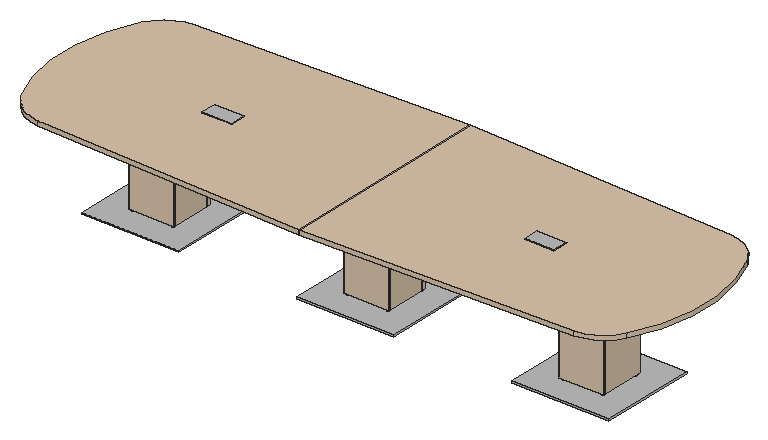
Revit family "Haworth_Planes_ColumnBaseConferenceTable_PebbleTwoPiece", category Furniture Systems, Revit 2018 (continued)
Definition of nested family "Haworth_Planes_Worksurface_Pebble_2Piece_PART"
  Definition of nested family "Haworth_Planes_Worksurface_Pebble42_TwoPiece_Part"
    Lines and regions (in)
      Masking region 14, visible <- "144w"
        outline origin (0, 0, 0) x (0, 1, 0) y (-1, 0, 0)
          loop
            arc (-5.84, 0) -> (-5.24648, -30.06676) -> (-3.34002, -60.07889) r 688.2138
            arc (-3.34002, -60.07889) -> (-0.32007, -67.06543) -> (6.29505, -70.83001) r 12
            arc (6.29505, -70.83001) -> (15, -71.68) -> (23.70495, -70.83001) r 45
      Masking region 15, visible <- "150w"
        outline origin (0, 0, 0) x (0, 1, 0) y (-1, 0, 0)
          loop
            arc (23.70481, -73.83004) -> (30.33689, -70.04652) -> (33.34413, -63.02825) r 12
            arc (33.34413, -63.02825) -> (35.24565, -31.54001) -> (35.84, 0) r 760.68547
            line (35.84, 0) -> (-5.84, 0)
            arc (-5.84, 0) -> (-5.24565, -31.54001) -> (-3.34413, -63.02825) r 760.68547
            arc (-3.34413, -63.02825) -> (-0.33689, -70.04652) -> (6.29519, -73.83004) r 12
            arc (6.29519, -73.83004) -> (15, -74.68) -> (23.70481, -73.83004) r 45
      Masking region 16, visible <- "156w"
        outline origin (0, 0, 0) x (0, 1, 0) y (-1, 0, 0)
          loop
            arc (23.70442, -76.83012) -> (30.35167, -73.02967) -> (33.34744, -65.98306) r 12
            arc (33.34744, -65.98306) -> (35.24558, -33.01616) -> (35.84, 0) r 835.79748
            line (35.84, 0) -> (-5.84, 0)
            arc (-5.84, 0) -> (-5.24558, -33.01616) -> (-3.34744, -65.98306) r 835.79748
            arc (-3.34744, -65.98306) -> (-0.35167, -73.02967) -> (6.29558, -76.83012) r 12
            arc (6.29558, -76.83012) -> (15, -77.68) -> (23.70442, -76.83012) r 45
      Masking region 17, visible <- "162w"
        outline origin (0, 0, 0) x (0, 1, 0) y (-1, 0, 0)
          loop
            arc (23.70387, -79.83023) -> (30.36506, -76.01419) -> (33.35018, -68.94151) r 12
            arc (33.35018, -68.94151) -> (35.24478, -34.49422) -> (35.84, 0) r 915.38071
            line (35.84, 0) -> (-5.84, 0)
            arc (-5.84, 0) -> (-5.24478, -34.49422) -> (-3.35018, -68.94151) r 915.38071
            arc (-3.35018, -68.94151) -> (-0.36506, -76.01419) -> (6.29613, -79.83023) r 12
            arc (6.29613, -79.83023) -> (15, -80.68) -> (23.70387, -79.83023) r 45
      Masking region 18, visible <- "168w"
        outline origin (0, 0, 0) x (0, 1, 0) y (-1, 0, 0)
          loop
            arc (23.70318, -82.83036) -> (30.37714, -79.00008) -> (33.35243, -71.90357) r 12
            arc (33.35243, -71.90357) -> (35.24394, -35.97419) -> (35.84, 0) r 998.66451
            line (35.84, 0) -> (-5.84, 0)
            arc (-5.84, 0) -> (-5.24394, -35.97419) -> (-3.35243, -71.90357) r 998.66451
            arc (-3.35243, -71.90357) -> (-0.37714, -79.00008) -> (6.29682, -82.83036) r 12
            arc (6.29682, -82.83036) -> (15, -83.68) -> (23.70318, -82.83036) r 45
      Masking region 19, visible <- "174w"
        outline origin (0, 0, 0) x (0, 1, 0) y (-1, 0, 0)
          loop
            arc (23.70241, -85.83052) -> (30.38801, -81.98722) -> (33.35427, -74.86897) r 12
            arc (33.35427, -74.86897) -> (35.24338, -37.45594) -> (35.84, 0) r 1085.13481
            line (35.84, 0) -> (-5.84, 0)
            arc (-5.84, 0) -> (-5.24338, -37.45594) -> (-3.35427, -74.86897) r 1085.13481
            arc (-3.35427, -74.86897) -> (-0.38801, -81.98722) -> (6.29759, -85.83052) r 12
            arc (6.29759, -85.83052) -> (15, -86.68) -> (23.70241, -85.83052) r 45
      Masking region 20, visible <- "180w"
        outline origin (0, 0, 0) x (0, 1, 0) y (-1, 0, 0)
          loop
            arc (23.70159, -88.83068) -> (30.39784, -84.97547) -> (33.35577, -77.83733) r 12
            arc (33.35577, -77.83733) -> (35.24312, -38.93926) -> (35.84, 0) r 1174.64702
            line (35.84, 0) -> (-5.84, 0)
            arc (-5.84, 0) -> (-5.24312, -38.93926) -> (-3.35577, -77.83733) r 1174.64702
            arc (-3.35577, -77.83733) -> (-0.39784, -84.97547) -> (6.29841, -88.83068) r 12
            arc (6.29841, -88.83068) -> (15, -89.68) -> (23.70159, -88.83068) r 45
      symbolic lines
        curve 1: line (0, 35.84, 0) -> (0, -5.84, 0)
    Dimensions and locks (in)
      "Thickness": plane 4 "Table Top" to plane 5 "Table Bottom"
      "Actual Height": plane 4 "Table Top" to level
      "Cutout Dimension": plane 6 "Cutout Top" to plane 7 "Cutout Bottom"
      plane 6 "Cutout Top" to plane 4 "Table Top" = 1"
      locked: plane 4 "Table Top" to plane 8 "KnifeEdge Middle" at 0.375
      aligned and locked: plane 4 "Table Top" to Extrusion 9
      aligned and locked: plane 4 "Table Top" to Extrusion 10
      aligned and locked: plane 4 "Table Top" to Extrusion 1
      aligned and locked: plane 4 "Table Top" to Extrusion 5
      aligned and locked: plane 4 "Table Top" to Extrusion 7
      aligned and locked: plane 4 "Table Top" to Extrusion 2
      aligned and locked: plane 4 "Table Top" to Extrusion 3
      aligned and locked: plane 4 "Table Top" to Extrusion 4
      aligned and locked: plane 4 "Table Top" to Extrusion 6
      aligned and locked: plane 4 "Table Top" to Extrusion 8
      aligned and locked: Extrusion 1 to plane 5 "Table Bottom"
      aligned and locked: Extrusion 2 to plane 5 "Table Bottom"
      aligned and locked: Extrusion 3 to plane 5 "Table Bottom"
      aligned and locked: Extrusion 4 to plane 5 "Table Bottom"
      aligned and locked: Extrusion 5 to plane 5 "Table Bottom"
      aligned and locked: Extrusion 6 to plane 5 "Table Bottom"
      aligned and locked: Extrusion 10 to plane 5 "Table Bottom"
      aligned and locked: Extrusion 9 to plane 5 "Table Bottom"
      aligned and locked: Extrusion 7 to plane 5 "Table Bottom"
      aligned and locked: Extrusion 8 to plane 5 "Table Bottom"
      aligned and locked: plane 4 "Table Top" to Extrusion 20
      aligned and locked: plane 4 "Table Top" to Extrusion 19
      aligned and locked: plane 4 "Table Top" to Extrusion 18
      aligned and locked: plane 4 "Table Top" to Extrusion 17
      aligned and locked: plane 4 "Table Top" to Extrusion 16
      aligned and locked: plane 4 "Table Top" to Extrusion 15
      aligned and locked: plane 4 "Table Top" to Extrusion 14
      aligned and locked: plane 4 "Table Top" to Extrusion 13
      aligned and locked: plane 4 "Table Top" to Extrusion 12
      aligned and locked: plane 4 "Table Top" to Extrusion 11
      aligned and locked: Extrusion 20 to plane 5 "Table Bottom"
      aligned and locked: Extrusion 19 to plane 5 "Table Bottom"
      aligned and locked: Extrusion 18 to plane 5 "Table Bottom"
      aligned and locked: Extrusion 17 to plane 5 "Table Bottom"
      aligned and locked: Extrusion 16 to plane 5 "Table Bottom"
      aligned and locked: Extrusion 15 to plane 5 "Table Bottom"
      aligned and locked: Extrusion 14 to plane 5 "Table Bottom"
      aligned and locked: Extrusion 13 to plane 5 "Table Bottom"
      aligned and locked: Extrusion 12 to plane 5 "Table Bottom"
      aligned and locked: Extrusion 11 to plane 5 "Table Bottom"
    Automatic sketch dimensions
      plane 1 "Center F/B" to Extrusion 1 sketch curve = 0"
      Extrusion 1 sketch curve to plane 3 "Center L/R" = 0"
      Extrusion 1 sketch curve to plane 3 "Center L/R" = 1.43592"  (x2)
      Extrusion 1 sketch curve to plane 3 "Center L/R" = 17.68"
      plane 1 "Center F/B" to Extrusion 1 sketch curve = 6.38213"
      Extrusion 1 sketch curve to Extrusion 1 sketch curve = 32.37697"
      Extrusion 1 sketch curve to Extrusion 1 sketch curve = 0"  (x4)
      plane 1 "Center F/B" to Extrusion 1 sketch curve = 20.84"
      Extrusion 1 sketch curve to Extrusion 1 sketch curve = 452.04605"  (x2)
      Extrusion 1 sketch curve to plane 1 "Center F/B" = 6.38213"
      Extrusion 1 sketch curve to plane 1 "Center F/B" = 20.84"
      plane 1 "Center F/B" to Extrusion 2 sketch curve = 0"
      Extrusion 2 sketch curve to plane 3 "Center L/R" = 0"
      Extrusion 2 sketch curve to plane 3 "Center L/R" = 1.44756"  (x2)
      Extrusion 2 sketch curve to plane 3 "Center L/R" = 20.68"
      plane 1 "Center F/B" to Extrusion 2 sketch curve = 6.38304"
      Extrusion 2 sketch curve to Extrusion 2 sketch curve = 32.37679"
      Extrusion 2 sketch curve to Extrusion 2 sketch curve = 0"  (x4)
      plane 1 "Center F/B" to Extrusion 2 sketch curve = 20.84"
      Extrusion 2 sketch curve to Extrusion 2 sketch curve = 513.16616"  (x2)
      Extrusion 2 sketch curve to plane 1 "Center F/B" = 6.38304"
      Extrusion 2 sketch curve to plane 1 "Center F/B" = 20.84"
      plane 1 "Center F/B" to Extrusion 3 sketch curve = 0"
      Extrusion 3 sketch curve to plane 3 "Center L/R" = 0"
      Extrusion 3 sketch curve to plane 3 "Center L/R" = 1.45107"
      Extrusion 3 sketch curve to plane 3 "Center L/R" = 1.45589"
      Extrusion 3 sketch curve to plane 3 "Center L/R" = 23.68"
      Extrusion 3 sketch curve to plane 1 "Center F/B" = 6.3835"
      Extrusion 3 sketch curve to Extrusion 3 sketch curve = 32.3767"
      Extrusion 3 sketch curve to Extrusion 3 sketch curve = 0"  (x4)
      plane 1 "Center F/B" to Extrusion 3 sketch curve = 6.3835"
      plane 1 "Center F/B" to Extrusion 3 sketch curve = 20.84"
      Extrusion 3 sketch curve to Extrusion 3 sketch curve = 578.0439"
      Extrusion 3 sketch curve to plane 1 "Center F/B" = 20.84"
      Extrusion 3 sketch curve to Extrusion 3 sketch curve = 577.93384"
      plane 1 "Center F/B" to Extrusion 4 sketch curve = 0"
      Extrusion 4 sketch curve to plane 3 "Center L/R" = 0"
      Extrusion 4 sketch curve to plane 3 "Center L/R" = 1.45378"  (x2)
      Extrusion 4 sketch curve to plane 3 "Center L/R" = 26.68"
      plane 1 "Center F/B" to Extrusion 4 sketch curve = 6.38363"
      Extrusion 4 sketch curve to Extrusion 4 sketch curve = 32.37668"
      Extrusion 4 sketch curve to Extrusion 4 sketch curve = 0"  (x4)
      plane 1 "Center F/B" to Extrusion 4 sketch curve = 20.84"
      Extrusion 4 sketch curve to Extrusion 4 sketch curve = 646.53226"  (x2)
      Extrusion 4 sketch curve to plane 1 "Center F/B" = 6.38363"
      Extrusion 4 sketch curve to plane 1 "Center F/B" = 20.84"
      plane 1 "Center F/B" to Extrusion 5 sketch curve = 0"
      Extrusion 5 sketch curve to plane 3 "Center L/R" = 0"
      Extrusion 5 sketch curve to plane 3 "Center L/R" = 1.44104"  (x2)
      Extrusion 5 sketch curve to plane 3 "Center L/R" = 29.68"
      Extrusion 5 sketch curve to plane 1 "Center F/B" = 6.38352"
      Extrusion 5 sketch curve to Extrusion 5 sketch curve = 32.3767"
      Extrusion 5 sketch curve to Extrusion 5 sketch curve = 0"  (x4)
      plane 1 "Center F/B" to Extrusion 5 sketch curve = 6.38352"
      plane 1 "Center F/B" to Extrusion 5 sketch curve = 20.84"
      Extrusion 5 sketch curve to Extrusion 5 sketch curve = 719.00411"  (x2)
      Extrusion 5 sketch curve to plane 1 "Center F/B" = 20.84"
      plane 1 "Center F/B" to Extrusion 6 sketch curve = 0"
      Extrusion 6 sketch curve to plane 3 "Center L/R" = 0"
      Extrusion 6 sketch curve to plane 3 "Center L/R" = 1.46576"  (x2)
      Extrusion 6 sketch curve to plane 3 "Center L/R" = 32.68"
      plane 1 "Center F/B" to Extrusion 6 sketch curve = 6.38324"
      Extrusion 6 sketch curve to Extrusion 6 sketch curve = 32.37675"
      Extrusion 6 sketch curve to Extrusion 6 sketch curve = 0"  (x4)
      plane 1 "Center F/B" to Extrusion 6 sketch curve = 20.84"
      Extrusion 6 sketch curve to Extrusion 6 sketch curve = 794.11619"  (x2)
      Extrusion 6 sketch curve to plane 1 "Center F/B" = 6.38324"
      Extrusion 6 sketch curve to plane 1 "Center F/B" = 20.84"
      plane 1 "Center F/B" to Extrusion 7 sketch curve = 0"
      Extrusion 7 sketch curve to plane 3 "Center L/R" = 0"
      Extrusion 7 sketch curve to plane 3 "Center L/R" = 1.45681"  (x2)
      Extrusion 7 sketch curve to plane 3 "Center L/R" = 35.68"
      plane 1 "Center F/B" to Extrusion 7 sketch curve = 6.38283"
      Extrusion 7 sketch curve to Extrusion 7 sketch curve = 32.37683"
      Extrusion 7 sketch curve to Extrusion 7 sketch curve = 0"  (x4)
      plane 1 "Center F/B" to Extrusion 7 sketch curve = 20.84"
      Extrusion 7 sketch curve to Extrusion 7 sketch curve = 873.69956"  (x2)
      Extrusion 7 sketch curve to plane 1 "Center F/B" = 6.38283"
      Extrusion 7 sketch curve to plane 1 "Center F/B" = 20.84"
      plane 1 "Center F/B" to Extrusion 8 sketch curve = 0"
      Extrusion 8 sketch curve to plane 3 "Center L/R" = 0"
      Extrusion 8 sketch curve to plane 3 "Center L/R" = 1.44512"  (x2)
      Extrusion 8 sketch curve to plane 3 "Center L/R" = 38.68"
      Extrusion 8 sketch curve to plane 1 "Center F/B" = 6.38233"
      Extrusion 8 sketch curve to Extrusion 8 sketch curve = 32.37693"
      Extrusion 8 sketch curve to Extrusion 8 sketch curve = 0"  (x4)
      plane 1 "Center F/B" to Extrusion 8 sketch curve = 6.38233"
      plane 1 "Center F/B" to Extrusion 8 sketch curve = 20.84"
      Extrusion 8 sketch curve to Extrusion 8 sketch curve = 956.98347"  (x2)
      Extrusion 8 sketch curve to plane 1 "Center F/B" = 20.84"
      plane 1 "Center F/B" to Extrusion 9 sketch curve = 0"
      Extrusion 9 sketch curve to plane 3 "Center L/R" = 0"
      Extrusion 9 sketch curve to plane 3 "Center L/R" = 1.44813"  (x2)
      Extrusion 9 sketch curve to plane 3 "Center L/R" = 41.68"
      Extrusion 9 sketch curve to plane 1 "Center F/B" = 6.38177"
      Extrusion 9 sketch curve to Extrusion 9 sketch curve = 32.37704"
      Extrusion 9 sketch curve to Extrusion 9 sketch curve = 0"  (x4)
      plane 1 "Center F/B" to Extrusion 9 sketch curve = 6.38177"
      plane 1 "Center F/B" to Extrusion 9 sketch curve = 20.84"
      Extrusion 9 sketch curve to Extrusion 9 sketch curve = 1043.45384"  (x2)
      Extrusion 9 sketch curve to plane 1 "Center F/B" = 20.84"
      plane 1 "Center F/B" to Extrusion 10 sketch curve = 0"
      Extrusion 10 sketch curve to plane 3 "Center L/R" = 0"
      Extrusion 10 sketch curve to plane 3 "Center L/R" = 1.46877"  (x2)
      Extrusion 10 sketch curve to plane 3 "Center L/R" = 44.68"
      plane 1 "Center F/B" to Extrusion 10 sketch curve = 6.38116"
      Extrusion 10 sketch curve to Extrusion 10 sketch curve = 32.37716"
      Extrusion 10 sketch curve to Extrusion 10 sketch curve = 0"  (x4)
      plane 1 "Center F/B" to Extrusion 10 sketch curve = 20.84"
      Extrusion 10 sketch curve to Extrusion 10 sketch curve = 1132.96611"  (x2)
      Extrusion 10 sketch curve to plane 1 "Center F/B" = 6.38116"
      Extrusion 10 sketch curve to plane 1 "Center F/B" = 20.84"
      plane 1 "Center F/B" to Masking region 1 sketch curve = 0"
      Masking region 1 sketch curve to plane 3 "Center L/R" = 0"
      Masking region 1 sketch curve to plane 3 "Center L/R" = 1.43592"  (x2)
      Masking region 1 sketch curve to plane 3 "Center L/R" = 17.68"
      plane 1 "Center F/B" to Masking region 1 sketch curve = 6.38213"
      Masking region 1 sketch curve to Masking region 1 sketch curve = 32.37697"
      Masking region 1 sketch curve to Masking region 1 sketch curve = 0"  (x4)
      plane 1 "Center F/B" to Masking region 1 sketch curve = 20.84"
      Masking region 1 sketch curve to Masking region 1 sketch curve = 452.04605"  (x2)
      Masking region 1 sketch curve to plane 1 "Center F/B" = 6.38213"
      Masking region 1 sketch curve to plane 1 "Center F/B" = 20.84"
      plane 1 "Center F/B" to Masking region 2 sketch curve = 0"
      Masking region 2 sketch curve to plane 3 "Center L/R" = 0"
      Masking region 2 sketch curve to plane 3 "Center L/R" = 1.44756"  (x2)
      Masking region 2 sketch curve to plane 3 "Center L/R" = 20.68"
      plane 1 "Center F/B" to Masking region 2 sketch curve = 6.38304"
      Masking region 2 sketch curve to Masking region 2 sketch curve = 32.37679"
      Masking region 2 sketch curve to Masking region 2 sketch curve = 0"  (x4)
      plane 1 "Center F/B" to Masking region 2 sketch curve = 20.84"
      Masking region 2 sketch curve to Masking region 2 sketch curve = 513.16616"  (x2)
      Masking region 2 sketch curve to plane 1 "Center F/B" = 6.38304"
      Masking region 2 sketch curve to plane 1 "Center F/B" = 20.84"
      plane 1 "Center F/B" to Masking region 3 sketch curve = 0"
      Masking region 3 sketch curve to plane 3 "Center L/R" = 0"
      Masking region 3 sketch curve to plane 3 "Center L/R" = 1.45107"
      Masking region 3 sketch curve to plane 3 "Center L/R" = 1.45589"
      Masking region 3 sketch curve to plane 3 "Center L/R" = 23.68"
      Masking region 3 sketch curve to plane 1 "Center F/B" = 6.3835"
      Masking region 3 sketch curve to Masking region 3 sketch curve = 32.3767"
      Masking region 3 sketch curve to Masking region 3 sketch curve = 0"  (x4)
      plane 1 "Center F/B" to Masking region 3 sketch curve = 6.3835"
      plane 1 "Center F/B" to Masking region 3 sketch curve = 20.84"
      Masking region 3 sketch curve to Masking region 3 sketch curve = 578.0439"
      Masking region 3 sketch curve to plane 1 "Center F/B" = 20.84"
      Masking region 3 sketch curve to Masking region 3 sketch curve = 577.93384"
      plane 1 "Center F/B" to Masking region 4 sketch curve = 0"
      Masking region 4 sketch curve to plane 3 "Center L/R" = 0"
      Masking region 4 sketch curve to plane 3 "Center L/R" = 1.45378"  (x2)
      Masking region 4 sketch curve to plane 3 "Center L/R" = 26.68"
      plane 1 "Center F/B" to Masking region 4 sketch curve = 6.38363"
      Masking region 4 sketch curve to Masking region 4 sketch curve = 32.37668"
      Masking region 4 sketch curve to Masking region 4 sketch curve = 0"  (x4)
      plane 1 "Center F/B" to Masking region 4 sketch curve = 20.84"
      Masking region 4 sketch curve to Masking region 4 sketch curve = 646.53226"  (x2)
      Masking region 4 sketch curve to plane 1 "Center F/B" = 6.38363"
      Masking region 4 sketch curve to plane 1 "Center F/B" = 20.84"
      plane 1 "Center F/B" to Masking region 5 sketch curve = 0"
      Masking region 5 sketch curve to plane 3 "Center L/R" = 0"
      Masking region 5 sketch curve to plane 3 "Center L/R" = 1.44104"  (x2)
      Masking region 5 sketch curve to plane 3 "Center L/R" = 29.68"
      plane 1 "Center F/B" to Masking region 5 sketch curve = 6.38352"
      Masking region 5 sketch curve to Masking region 5 sketch curve = 32.3767"
      Masking region 5 sketch curve to Masking region 5 sketch curve = 0"  (x4)
      plane 1 "Center F/B" to Masking region 5 sketch curve = 20.84"
      Masking region 5 sketch curve to Masking region 5 sketch curve = 719.00411"  (x2)
      Masking region 5 sketch curve to plane 1 "Center F/B" = 6.38352"
      Masking region 5 sketch curve to plane 1 "Center F/B" = 20.84"
      plane 1 "Center F/B" to Masking region 6 sketch curve = 0"
      Masking region 6 sketch curve to plane 3 "Center L/R" = 0"
      Masking region 6 sketch curve to plane 3 "Center L/R" = 1.46576"  (x2)
      Masking region 6 sketch curve to plane 3 "Center L/R" = 32.68"
      plane 1 "Center F/B" to Masking region 6 sketch curve = 6.38324"
      Masking region 6 sketch curve to Masking region 6 sketch curve = 32.37675"
      Masking region 6 sketch curve to Masking region 6 sketch curve = 0"  (x4)
      plane 1 "Center F/B" to Masking region 6 sketch curve = 20.84"
      Masking region 6 sketch curve to Masking region 6 sketch curve = 794.11619"  (x2)
      Masking region 6 sketch curve to plane 1 "Center F/B" = 6.38324"
      Masking region 6 sketch curve to plane 1 "Center F/B" = 20.84"
      plane 1 "Center F/B" to Masking region 7 sketch curve = 0"
      Masking region 7 sketch curve to plane 3 "Center L/R" = 0"
      Masking region 7 sketch curve to plane 3 "Center L/R" = 1.45681"  (x2)
      Masking region 7 sketch curve to plane 3 "Center L/R" = 35.68"
      plane 1 "Center F/B" to Masking region 7 sketch curve = 6.38283"
      Masking region 7 sketch curve to Masking region 7 sketch curve = 32.37683"
      Masking region 7 sketch curve to Masking region 7 sketch curve = 0"  (x4)
      plane 1 "Center F/B" to Masking region 7 sketch curve = 20.84"
      Masking region 7 sketch curve to Masking region 7 sketch curve = 873.69956"  (x2)
      Masking region 7 sketch curve to plane 1 "Center F/B" = 6.38283"
      Masking region 7 sketch curve to plane 1 "Center F/B" = 20.84"
      plane 1 "Center F/B" to Masking region 8 sketch curve = 0"
      Masking region 8 sketch curve to plane 3 "Center L/R" = 0"
      Masking region 8 sketch curve to plane 3 "Center L/R" = 1.44512"  (x2)
      Masking region 8 sketch curve to plane 3 "Center L/R" = 38.68"
      plane 1 "Center F/B" to Masking region 8 sketch curve = 6.38233"
      Masking region 8 sketch curve to Masking region 8 sketch curve = 32.37693"
      Masking region 8 sketch curve to Masking region 8 sketch curve = 0"  (x4)
      plane 1 "Center F/B" to Masking region 8 sketch curve = 20.84"
      Masking region 8 sketch curve to Masking region 8 sketch curve = 956.98347"  (x2)
      Masking region 8 sketch curve to plane 1 "Center F/B" = 6.38233"
      Masking region 8 sketch curve to plane 1 "Center F/B" = 20.84"
      plane 1 "Center F/B" to Masking region 9 sketch curve = 0"
      Masking region 9 sketch curve to plane 3 "Center L/R" = 0"
      Masking region 9 sketch curve to plane 3 "Center L/R" = 1.44813"  (x2)
      Masking region 9 sketch curve to plane 3 "Center L/R" = 41.68"
      plane 1 "Center F/B" to Masking region 9 sketch curve = 6.38177"
      Masking region 9 sketch curve to Masking region 9 sketch curve = 32.37704"
      Masking region 9 sketch curve to Masking region 9 sketch curve = 0"  (x4)
      plane 1 "Center F/B" to Masking region 9 sketch curve = 20.84"
      Masking region 9 sketch curve to Masking region 9 sketch curve = 1043.45384"  (x2)
      Masking region 9 sketch curve to plane 1 "Center F/B" = 6.38177"
      Masking region 9 sketch curve to plane 1 "Center F/B" = 20.84"
      plane 1 "Center F/B" to Masking region 10 sketch curve = 0"
      Masking region 10 sketch curve to plane 3 "Center L/R" = 0"
      Masking region 10 sketch curve to plane 3 "Center L/R" = 1.46877"  (x2)
      Masking region 10 sketch curve to plane 3 "Center L/R" = 44.68"
      plane 1 "Center F/B" to Masking region 10 sketch curve = 6.38116"
      Masking region 10 sketch curve to Masking region 10 sketch curve = 32.37716"
      Masking region 10 sketch curve to Masking region 10 sketch curve = 0"  (x4)
      plane 1 "Center F/B" to Masking region 10 sketch curve = 20.84"
      Masking region 10 sketch curve to Masking region 10 sketch curve = 1132.96611"  (x2)
      Masking region 10 sketch curve to plane 1 "Center F/B" = 6.38116"
      Masking region 10 sketch curve to plane 1 "Center F/B" = 20.84"
      plane 1 "Center F/B" to Extrusion 11 sketch curve = 0"
      Extrusion 11 sketch curve to plane 3 "Center L/R" = 0"
      Extrusion 11 sketch curve to plane 3 "Center L/R" = 1.43592"  (x2)
      Extrusion 11 sketch curve to plane 3 "Center L/R" = 17.68"
      Extrusion 11 sketch curve to plane 1 "Center F/B" = 6.38213"
      Extrusion 11 sketch curve to Extrusion 11 sketch curve = 32.37697"
      Extrusion 11 sketch curve to Extrusion 11 sketch curve = 0"  (x4)
      Extrusion 11 sketch curve to plane 1 "Center F/B" = 20.84"
      Extrusion 11 sketch curve to Extrusion 11 sketch curve = 452.04605"  (x2)
      plane 1 "Center F/B" to Extrusion 11 sketch curve = 6.38213"
      plane 1 "Center F/B" to Extrusion 11 sketch curve = 20.84"
      plane 1 "Center F/B" to Extrusion 12 sketch curve = 0"
      Extrusion 12 sketch curve to plane 3 "Center L/R" = 0"
      Extrusion 12 sketch curve to plane 3 "Center L/R" = 1.44756"  (x2)
      Extrusion 12 sketch curve to plane 3 "Center L/R" = 20.68"
      Extrusion 12 sketch curve to plane 1 "Center F/B" = 6.38304"
      Extrusion 12 sketch curve to Extrusion 12 sketch curve = 32.37679"
      Extrusion 12 sketch curve to Extrusion 12 sketch curve = 0"  (x4)
      Extrusion 12 sketch curve to plane 1 "Center F/B" = 20.84"
      Extrusion 12 sketch curve to Extrusion 12 sketch curve = 513.16616"  (x2)
      plane 1 "Center F/B" to Extrusion 12 sketch curve = 6.38304"
      plane 1 "Center F/B" to Extrusion 12 sketch curve = 20.84"
      plane 1 "Center F/B" to Extrusion 13 sketch curve = 0"
      Extrusion 13 sketch curve to plane 3 "Center L/R" = 0"
      Extrusion 13 sketch curve to plane 3 "Center L/R" = 1.45107"
      Extrusion 13 sketch curve to plane 3 "Center L/R" = 1.45589"
      Extrusion 13 sketch curve to plane 3 "Center L/R" = 23.68"
      plane 1 "Center F/B" to Extrusion 13 sketch curve = 6.3835"
      Extrusion 13 sketch curve to Extrusion 13 sketch curve = 32.3767"
      Extrusion 13 sketch curve to Extrusion 13 sketch curve = 0"  (x4)
      Extrusion 13 sketch curve to plane 1 "Center F/B" = 6.3835"
      Extrusion 13 sketch curve to plane 1 "Center F/B" = 20.84"
      Extrusion 13 sketch curve to Extrusion 13 sketch curve = 578.0439"
      plane 1 "Center F/B" to Extrusion 13 sketch curve = 20.84"
      Extrusion 13 sketch curve to Extrusion 13 sketch curve = 577.93384"
      plane 1 "Center F/B" to Extrusion 14 sketch curve = 0"
      Extrusion 14 sketch curve to plane 3 "Center L/R" = 0"
      Extrusion 14 sketch curve to plane 3 "Center L/R" = 1.45378"  (x2)
      Extrusion 14 sketch curve to plane 3 "Center L/R" = 26.68"
      Extrusion 14 sketch curve to plane 1 "Center F/B" = 6.38363"
      Extrusion 14 sketch curve to Extrusion 14 sketch curve = 32.37668"
      Extrusion 14 sketch curve to Extrusion 14 sketch curve = 0"  (x4)
      Extrusion 14 sketch curve to plane 1 "Center F/B" = 20.84"
      Extrusion 14 sketch curve to Extrusion 14 sketch curve = 646.53226"  (x2)
      plane 1 "Center F/B" to Extrusion 14 sketch curve = 6.38363"
      plane 1 "Center F/B" to Extrusion 14 sketch curve = 20.84"
      plane 1 "Center F/B" to Extrusion 15 sketch curve = 0"
      Extrusion 15 sketch curve to plane 3 "Center L/R" = 0"
      Extrusion 15 sketch curve to plane 3 "Center L/R" = 1.44104"  (x2)
      Extrusion 15 sketch curve to plane 3 "Center L/R" = 29.68"
      plane 1 "Center F/B" to Extrusion 15 sketch curve = 6.38352"
      Extrusion 15 sketch curve to Extrusion 15 sketch curve = 32.3767"
      Extrusion 15 sketch curve to Extrusion 15 sketch curve = 0"  (x4)
      Extrusion 15 sketch curve to plane 1 "Center F/B" = 6.38352"
      Extrusion 15 sketch curve to plane 1 "Center F/B" = 20.84"
      Extrusion 15 sketch curve to Extrusion 15 sketch curve = 719.00411"  (x2)
      plane 1 "Center F/B" to Extrusion 15 sketch curve = 20.84"
      plane 1 "Center F/B" to Extrusion 16 sketch curve = 0"
      Extrusion 16 sketch curve to plane 3 "Center L/R" = 0"
      Extrusion 16 sketch curve to plane 3 "Center L/R" = 1.46576"  (x2)
      Extrusion 16 sketch curve to plane 3 "Center L/R" = 32.68"
      Extrusion 16 sketch curve to plane 1 "Center F/B" = 6.38324"
      Extrusion 16 sketch curve to Extrusion 16 sketch curve = 32.37675"
      Extrusion 16 sketch curve to Extrusion 16 sketch curve = 0"  (x4)
      Extrusion 16 sketch curve to plane 1 "Center F/B" = 20.84"
      Extrusion 16 sketch curve to Extrusion 16 sketch curve = 794.11619"  (x2)
      plane 1 "Center F/B" to Extrusion 16 sketch curve = 6.38324"
      plane 1 "Center F/B" to Extrusion 16 sketch curve = 20.84"
      plane 1 "Center F/B" to Extrusion 17 sketch curve = 0"
      Extrusion 17 sketch curve to plane 3 "Center L/R" = 0"
      Extrusion 17 sketch curve to plane 3 "Center L/R" = 1.45681"  (x2)
      Extrusion 17 sketch curve to plane 3 "Center L/R" = 35.68"
      Extrusion 17 sketch curve to plane 1 "Center F/B" = 6.38283"
      Extrusion 17 sketch curve to Extrusion 17 sketch curve = 32.37683"
      Extrusion 17 sketch curve to Extrusion 17 sketch curve = 0"  (x4)
      Extrusion 17 sketch curve to plane 1 "Center F/B" = 20.84"
      Extrusion 17 sketch curve to Extrusion 17 sketch curve = 873.69956"  (x2)
      plane 1 "Center F/B" to Extrusion 17 sketch curve = 6.38283"
      plane 1 "Center F/B" to Extrusion 17 sketch curve = 20.84"
      plane 1 "Center F/B" to Extrusion 18 sketch curve = 0"
      Extrusion 18 sketch curve to plane 3 "Center L/R" = 0"
      Extrusion 18 sketch curve to plane 3 "Center L/R" = 1.44512"  (x2)
      Extrusion 18 sketch curve to plane 3 "Center L/R" = 38.68"
      plane 1 "Center F/B" to Extrusion 18 sketch curve = 6.38233"
      Extrusion 18 sketch curve to Extrusion 18 sketch curve = 32.37693"
      Extrusion 18 sketch curve to Extrusion 18 sketch curve = 0"  (x4)
      Extrusion 18 sketch curve to plane 1 "Center F/B" = 6.38233"
      Extrusion 18 sketch curve to plane 1 "Center F/B" = 20.84"
      Extrusion 18 sketch curve to Extrusion 18 sketch curve = 956.98347"  (x2)
      plane 1 "Center F/B" to Extrusion 18 sketch curve = 20.84"
      plane 1 "Center F/B" to Extrusion 19 sketch curve = 0"
      Extrusion 19 sketch curve to plane 3 "Center L/R" = 0"
      Extrusion 19 sketch curve to plane 3 "Center L/R" = 1.44813"  (x2)
      Extrusion 19 sketch curve to plane 3 "Center L/R" = 41.68"
      plane 1 "Center F/B" to Extrusion 19 sketch curve = 6.38177"
      Extrusion 19 sketch curve to Extrusion 19 sketch curve = 32.37704"
      Extrusion 19 sketch curve to Extrusion 19 sketch curve = 0"  (x4)
      Extrusion 19 sketch curve to plane 1 "Center F/B" = 6.38177"
      Extrusion 19 sketch curve to plane 1 "Center F/B" = 20.84"
      Extrusion 19 sketch curve to Extrusion 19 sketch curve = 1043.45384"  (x2)
      plane 1 "Center F/B" to Extrusion 19 sketch curve = 20.84"
      plane 1 "Center F/B" to Extrusion 20 sketch curve = 0"
      Extrusion 20 sketch curve to plane 3 "Center L/R" = 0"
      Extrusion 20 sketch curve to plane 3 "Center L/R" = 1.46877"  (x2)
      Extrusion 20 sketch curve to plane 3 "Center L/R" = 44.68"
      Extrusion 20 sketch curve to plane 1 "Center F/B" = 6.38116"
      Extrusion 20 sketch curve to Extrusion 20 sketch curve = 32.37716"
      Extrusion 20 sketch curve to Extrusion 20 sketch curve = 0"  (x4)
      Extrusion 20 sketch curve to plane 1 "Center F/B" = 20.84"
      Extrusion 20 sketch curve to Extrusion 20 sketch curve = 1132.96611"  (x2)
      plane 1 "Center F/B" to Extrusion 20 sketch curve = 6.38116"
      plane 1 "Center F/B" to Extrusion 20 sketch curve = 20.84"
      Masking region 11 sketch curve to plane 3 "Center L/R" = 0"
      plane 1 "Center F/B" to Masking region 11 sketch curve = 0"
      plane 1 "Center F/B" to Masking region 11 sketch curve = 6.38213"
      plane 1 "Center F/B" to Masking region 11 sketch curve = 20.84"
      plane 3 "Center L/R" to Masking region 11 sketch curve = 1.43592"  (x2)
      Masking region 11 sketch curve to Masking region 11 sketch curve = 452.04605"  (x2)
      Masking region 11 sketch curve to plane 1 "Center F/B" = 6.38213"
      Masking region 11 sketch curve to plane 1 "Center F/B" = 20.84"
      plane 3 "Center L/R" to Masking region 11 sketch curve = 17.68"
      Masking region 11 sketch curve to Masking region 11 sketch curve = 32.37697"
      Masking region 11 sketch curve to Masking region 11 sketch curve = 0"  (x3)
      plane 1 "Center F/B" to Masking region 11 sketch curve = 8.70291"
      Masking region 12 sketch curve to plane 3 "Center L/R" = 0"
      plane 1 "Center F/B" to Masking region 12 sketch curve = 0"
      plane 1 "Center F/B" to Masking region 12 sketch curve = 6.38304"
      plane 1 "Center F/B" to Masking region 12 sketch curve = 20.84"
      plane 3 "Center L/R" to Masking region 12 sketch curve = 1.44756"  (x2)
      Masking region 12 sketch curve to Masking region 12 sketch curve = 513.16616"  (x2)
      Masking region 12 sketch curve to plane 1 "Center F/B" = 6.38304"
      Masking region 12 sketch curve to plane 1 "Center F/B" = 20.84"
      plane 3 "Center L/R" to Masking region 12 sketch curve = 20.68"
      Masking region 12 sketch curve to Masking region 12 sketch curve = 32.37679"
      Masking region 12 sketch curve to Masking region 12 sketch curve = 0"  (x3)
      plane 1 "Center F/B" to Masking region 12 sketch curve = 8.70415"
      Masking region 13 sketch curve to plane 3 "Center L/R" = 0"
      plane 1 "Center F/B" to Masking region 13 sketch curve = 0"
      plane 1 "Center F/B" to Masking region 13 sketch curve = 6.3835"
      plane 1 "Center F/B" to Masking region 13 sketch curve = 20.84"
      plane 3 "Center L/R" to Masking region 13 sketch curve = 1.45107"
      Masking region 13 sketch curve to Masking region 13 sketch curve = 578.0439"
      Masking region 13 sketch curve to plane 1 "Center F/B" = 6.3835"
      Masking region 13 sketch curve to plane 1 "Center F/B" = 20.84"
      plane 3 "Center L/R" to Masking region 13 sketch curve = 1.45589"
      Masking region 13 sketch curve to Masking region 13 sketch curve = 577.93384"
      plane 3 "Center L/R" to Masking region 13 sketch curve = 23.68"
      Masking region 13 sketch curve to Masking region 13 sketch curve = 32.3767"
      Masking region 13 sketch curve to Masking region 13 sketch curve = 0"  (x3)
      plane 1 "Center F/B" to Masking region 13 sketch curve = 8.70477"
      Masking region 14 sketch curve to plane 3 "Center L/R" = 0"
      plane 1 "Center F/B" to Masking region 14 sketch curve = 0"
      plane 1 "Center F/B" to Masking region 14 sketch curve = 6.38363"
      plane 1 "Center F/B" to Masking region 14 sketch curve = 20.84"
      plane 3 "Center L/R" to Masking region 14 sketch curve = 1.45378"  (x2)
      Masking region 14 sketch curve to Masking region 14 sketch curve = 646.53226"  (x2)
      Masking region 14 sketch curve to plane 1 "Center F/B" = 6.38363"
      Masking region 14 sketch curve to plane 1 "Center F/B" = 20.84"
      plane 3 "Center L/R" to Masking region 14 sketch curve = 26.68"
      Masking region 14 sketch curve to Masking region 14 sketch curve = 32.37668"
      Masking region 14 sketch curve to Masking region 14 sketch curve = 0"  (x3)
      plane 1 "Center F/B" to Masking region 14 sketch curve = 8.70495"
      Masking region 15 sketch curve to plane 3 "Center L/R" = 0"
      plane 1 "Center F/B" to Masking region 15 sketch curve = 0"
      plane 1 "Center F/B" to Masking region 15 sketch curve = 6.38352"
      plane 1 "Center F/B" to Masking region 15 sketch curve = 20.84"
      plane 3 "Center L/R" to Masking region 15 sketch curve = 1.44104"  (x2)
      Masking region 15 sketch curve to Masking region 15 sketch curve = 719.00411"  (x2)
      Masking region 15 sketch curve to plane 1 "Center F/B" = 6.38352"
      Masking region 15 sketch curve to plane 1 "Center F/B" = 20.84"
      plane 3 "Center L/R" to Masking region 15 sketch curve = 29.68"
      Masking region 15 sketch curve to Masking region 15 sketch curve = 32.3767"
      Masking region 15 sketch curve to Masking region 15 sketch curve = 0"  (x3)
      plane 1 "Center F/B" to Masking region 15 sketch curve = 8.70481"
      Masking region 16 sketch curve to plane 3 "Center L/R" = 0"
      plane 1 "Center F/B" to Masking region 16 sketch curve = 0"
      plane 1 "Center F/B" to Masking region 16 sketch curve = 6.38324"
      plane 1 "Center F/B" to Masking region 16 sketch curve = 20.84"
      plane 3 "Center L/R" to Masking region 16 sketch curve = 1.46576"  (x2)
      Masking region 16 sketch curve to Masking region 16 sketch curve = 794.11619"  (x2)
      Masking region 16 sketch curve to plane 1 "Center F/B" = 6.38324"
      Masking region 16 sketch curve to plane 1 "Center F/B" = 20.84"
      plane 3 "Center L/R" to Masking region 16 sketch curve = 32.68"
      Masking region 16 sketch curve to Masking region 16 sketch curve = 32.37675"
      Masking region 16 sketch curve to Masking region 16 sketch curve = 0"  (x3)
      plane 1 "Center F/B" to Masking region 16 sketch curve = 8.70442"
      Masking region 17 sketch curve to plane 3 "Center L/R" = 0"
      plane 1 "Center F/B" to Masking region 17 sketch curve = 0"
      plane 1 "Center F/B" to Masking region 17 sketch curve = 6.38283"
      plane 1 "Center F/B" to Masking region 17 sketch curve = 20.84"
      plane 3 "Center L/R" to Masking region 17 sketch curve = 1.45681"  (x2)
      Masking region 17 sketch curve to Masking region 17 sketch curve = 873.69956"  (x2)
      Masking region 17 sketch curve to plane 1 "Center F/B" = 6.38283"
      Masking region 17 sketch curve to plane 1 "Center F/B" = 20.84"
      plane 3 "Center L/R" to Masking region 17 sketch curve = 35.68"
      Masking region 17 sketch curve to Masking region 17 sketch curve = 32.37683"
      Masking region 17 sketch curve to Masking region 17 sketch curve = 0"  (x3)
      plane 1 "Center F/B" to Masking region 17 sketch curve = 8.70387"
      Masking region 18 sketch curve to plane 3 "Center L/R" = 0"
      plane 1 "Center F/B" to Masking region 18 sketch curve = 0"
      plane 1 "Center F/B" to Masking region 18 sketch curve = 6.38233"
      plane 1 "Center F/B" to Masking region 18 sketch curve = 20.84"
      plane 3 "Center L/R" to Masking region 18 sketch curve = 1.44512"  (x2)
      Masking region 18 sketch curve to Masking region 18 sketch curve = 956.98347"  (x2)
      Masking region 18 sketch curve to plane 1 "Center F/B" = 6.38233"
      Masking region 18 sketch curve to plane 1 "Center F/B" = 20.84"
      plane 3 "Center L/R" to Masking region 18 sketch curve = 38.68"
      Masking region 18 sketch curve to Masking region 18 sketch curve = 32.37693"
      Masking region 18 sketch curve to Masking region 18 sketch curve = 0"  (x3)
      plane 1 "Center F/B" to Masking region 18 sketch curve = 8.70318"
      Masking region 19 sketch curve to plane 3 "Center L/R" = 0"
      plane 1 "Center F/B" to Masking region 19 sketch curve = 0"
      plane 1 "Center F/B" to Masking region 19 sketch curve = 6.38177"
      plane 1 "Center F/B" to Masking region 19 sketch curve = 20.84"
      plane 3 "Center L/R" to Masking region 19 sketch curve = 1.44813"  (x2)
      Masking region 19 sketch curve to Masking region 19 sketch curve = 1043.45384"  (x2)
      Masking region 19 sketch curve to plane 1 "Center F/B" = 6.38177"
      Masking region 19 sketch curve to plane 1 "Center F/B" = 20.84"
      plane 3 "Center L/R" to Masking region 19 sketch curve = 41.68"
      Masking region 19 sketch curve to Masking region 19 sketch curve = 32.37704"
      Masking region 19 sketch curve to Masking region 19 sketch curve = 0"  (x3)
      plane 1 "Center F/B" to Masking region 19 sketch curve = 8.70241"
      Masking region 20 sketch curve to plane 3 "Center L/R" = 0"
      plane 1 "Center F/B" to Masking region 20 sketch curve = 0"
      plane 1 "Center F/B" to Masking region 20 sketch curve = 6.38116"
      plane 1 "Center F/B" to Masking region 20 sketch curve = 20.84"
      plane 3 "Center L/R" to Masking region 20 sketch curve = 1.46877"  (x2)
      Masking region 20 sketch curve to Masking region 20 sketch curve = 1132.96611"  (x2)
      Masking region 20 sketch curve to plane 1 "Center F/B" = 6.38116"
      Masking region 20 sketch curve to plane 1 "Center F/B" = 20.84"
      plane 3 "Center L/R" to Masking region 20 sketch curve = 44.68"
      Masking region 20 sketch curve to Masking region 20 sketch curve = 32.37716"
      Masking region 20 sketch curve to Masking region 20 sketch curve = 0"  (x3)
      plane 1 "Center F/B" to Masking region 20 sketch curve = 8.70159"
      curve 1 to plane 3 "Center L/R" = 0"
      plane 1 "Center F/B" to curve 1 = 20.84"
      curve 1 to plane 1 "Center F/B" = 20.84"
